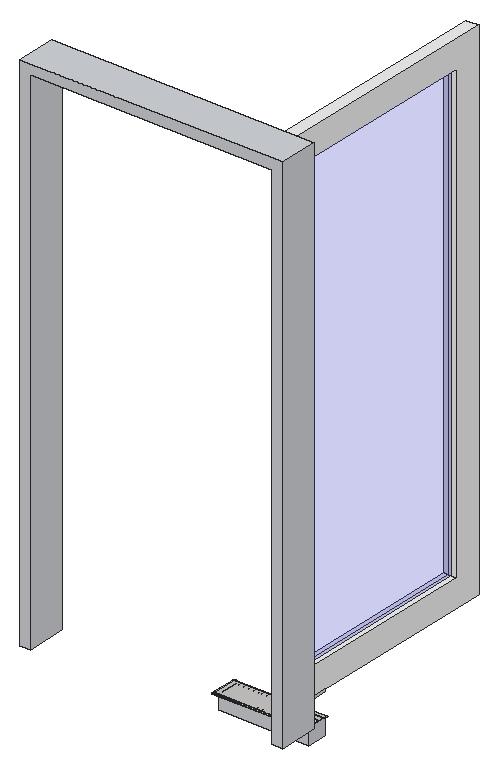
Revit family "Door closer BTS80_ Single Access_Single Door", category Türen, Revit 2016 (continued)
Definition of nested family "Panel_SS_Opened"
  Definition of nested family "Door Strap"
    Forms (mm)
      Extrusion 1, solid
        sketch origin (0, 0, -10) x (1, 0, 0) y (0, 1, 0)
          loop
            line (-4.243, -2.645) -> (4.243, -2.645)
            arc (4.243, -2.645) -> (5, 0) -> (4.243, 2.645) r 5
            line (4.243, 2.645) -> (-4.243, 2.645)
            arc (-4.243, 2.645) -> (-5, 0) -> (-4.243, -2.645) r 5
        from -0.988 to 19.012
      Extrusion 2, solid
        sketch origin (0, 0, -5) x (1, 0, 0) y (0, 1, 0)
          loop
            line (-1.468, 9.268) -> (-47.529, 1.972)
            arc (-47.529, 1.972) -> (-54.653, -1.376) -> (-58.881, -8.016) r 14.131
            line (-58.881, -8.016) -> (-66.484, -34) -> (-153.672, -34) -> (-153.672, -56.736) -> (-39.297, -56.736) -> (-39.297, -19.169)
            arc (-39.297, -19.169) -> (-38.33, -16.549) -> (-35.894, -15.185) r 4.034
            line (-35.894, -15.185) -> (1.468, -9.268)
            arc (1.468, -9.268) -> (9.268, 1.468) -> (-1.468, 9.268) r 9.383
          loop
            circle (0, 0) r 5
        from -0.988 to 9.012
    Cuts and joins
      joined: Extrusion 1, Extrusion 2
    Lines and regions (mm)
      model lines
        curve 1: line (-1.468, 9.268, -10) -> (-47.529, 1.972, -10)
        curve 2: line (1.468, -9.268, -10) -> (-35.894, -15.185, -10)
        curve 3: line (-39.297, -19.169, -10) -> (-39.297, -56.736, -10)
        curve 4: line (-58.881, -8.016, -10) -> (-66.484, -34, -10)
        curve 5: arc (-47.529, 1.972, -10) -> (-54.653, -1.376, -10) -> (-58.881, -8.016, -10) r 14.131
        curve 6: arc (-35.894, -15.185, -10) -> (-38.33, -16.549, -10) -> (-39.297, -19.169, -10) r 4.034
        curve 7: line (-66.484, -34, -10) -> (-153.672, -34, -10)
        curve 8: line (-153.672, -56.736, -10) -> (-39.297, -56.736, -10)
        curve 9: line (-153.672, -34, -10) -> (-153.672, -56.736, -10)
        curve 10: arc (1.468, -9.268, -10) -> (9.268, 1.468, -10) -> (-1.468, 9.268, -10) r 9.383
    Dimensions and locks
      equal spacing: Extrusion 2, plane 2, Extrusion 2
      equal spacing: Extrusion 1, plane 2, Extrusion 1
      Extrusion 1 to Extrusion 1 = 20 mm
      Extrusion 2 to Extrusion 2 = 10 mm
      equal spacing: cut or joined group of Extrusion 1, Extrusion 2, plane 1 "Center (Front/Back)", cut or joined group of Extrusion 1, Extrusion 2
    Automatic sketch dimensions
      plane 1 "Center (Front/Back)" to curve 9 = 56.736 mm
      curve 9 to plane 3 "Center (Left/Right)" = 153.672 mm
      plane 1 "Center (Front/Back)" to curve 7 = 34 mm
      curve 4 to plane 3 "Center (Left/Right)" = 66.484 mm
      plane 1 "Center (Front/Back)" to curve 4 = 8.016 mm
      curve 7 to curve 4 = 7.604 mm
      curve 1 to plane 1 "Center (Front/Back)" = 1.972 mm
      curve 4 to curve 1 = 11.352 mm
      curve 5 to curve 3 = 19.584 mm
      plane 1 "Center (Front/Back)" to curve 2 = 15.185 mm
      curve 3 to curve 2 = 3.403 mm
      curve 1 to plane 3 "Center (Left/Right)" = 1.468 mm
      plane 3 "Center (Left/Right)" to curve 2 = 1.468 mm
      curve 5 to curve 6 = 6.021 mm
      curve 3 to curve 6 = 4.034 mm
      plane 1 "Center (Front/Back)" to curve 2 = 9.268 mm
      Extrusion 2 sketch curve to Extrusion 2 sketch curve = 0 mm  (x2)
      plane 1 "Center (Front/Back)" to Extrusion 2 sketch curve = 56.736 mm
      Extrusion 2 sketch curve to plane 3 "Center (Left/Right)" = 153.672 mm
      plane 1 "Center (Front/Back)" to Extrusion 2 sketch curve = 34 mm
      plane 1 "Center (Front/Back)" to Extrusion 2 sketch curve = 0 mm
      Extrusion 2 sketch curve to plane 3 "Center (Left/Right)" = 0 mm
      Extrusion 2 sketch curve to plane 3 "Center (Left/Right)" = 66.484 mm
      plane 1 "Center (Front/Back)" to Extrusion 2 sketch curve = 8.016 mm
      Extrusion 2 sketch curve to Extrusion 2 sketch curve = 7.604 mm
      Extrusion 2 sketch curve to plane 1 "Center (Front/Back)" = 1.972 mm
      Extrusion 2 sketch curve to Extrusion 2 sketch curve = 11.352 mm
      Extrusion 2 sketch curve to Extrusion 2 sketch curve = 27.188 mm
      Extrusion 2 sketch curve to Extrusion 2 sketch curve = 3.403 mm
      Extrusion 2 sketch curve to plane 3 "Center (Left/Right)" = 1.468 mm
      plane 3 "Center (Left/Right)" to Extrusion 2 sketch curve = 1.468 mm
      Extrusion 2 sketch curve to Extrusion 2 sketch curve = 6.021 mm
      Extrusion 2 sketch curve to Extrusion 2 sketch curve = 4.034 mm
      Extrusion 2 sketch curve to Extrusion 2 sketch curve = 7.184 mm
      plane 1 "Center (Front/Back)" to Extrusion 2 sketch curve = 9.268 mm
      Extrusion 1 sketch curve to Extrusion 1 sketch curve = 0 mm  (x6)
      Extrusion 1 sketch curve to plane 3 "Center (Left/Right)" = 4.243 mm
      plane 1 "Center (Front/Back)" to Extrusion 1 sketch curve = 2.645 mm
      plane 1 "Center (Front/Back)" to Extrusion 1 sketch curve = 0 mm
      Extrusion 1 sketch curve to plane 3 "Center (Left/Right)" = 0 mm
      Extrusion 1 sketch curve to plane 1 "Center (Front/Back)" = 2.645 mm
      plane 3 "Center (Left/Right)" to Extrusion 1 sketch curve = 4.243 mm
      curve 1 to plane 1 "Center (Front/Back)" = 9.268 mm
      plane 1 "Center (Front/Back)" to curve 10 = 0 mm
      radius of Extrusion 2 sketch curve = 5 mm
      radius of Extrusion 1 sketch curve = 9.383 mm
